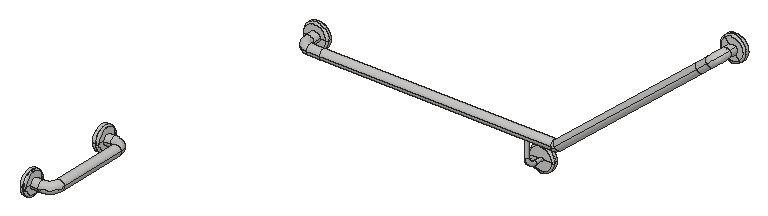
Revit family "rba-bim-rba4040-300", category Plumbing Fixtures, Revit 2016
Family settings
  Part Type = Normal
  Round Connector Dimension = Use Diameter
  Work Plane-Based = No
  Always vertical = Yes
  Cut with Voids When Loaded = No
  Shared = No
  Room Calculation Point = No
Parameters (values of type "RBA4040-300")
  Watermarked By = "www.rba.com.au"
  URL = "http://www.rba.com.au/accessible-disabled/grab-rails"
  Phone Number = "1300 788 778"
  OFFSET [instance] = 800 mm
  Modified Issue = "20190801.01"
  Model = "RBA4040-300"
  Materials and Finishes = Stainless Steel, Satin Finish
  Manufacturer = "RBA Group"
  Lgth = 900 mm
  Distance Away from Wall [instance] = 100 mm
  Distance Away from Toilet [instance] = 1090 mm
  Diameter = 32 mm
  Description = "40° WC Grab Rail - Left Hand, 300 Straight"
  Copyrighted by = "RBA Group"  # constant formula
Reference planes
  plane 1 "Center (Front/Back)": y = 0
  plane 2: z = 0
  plane 3 "Center (Left/Right)": x = 0
  plane 4: z = 800
  plane 5: x = -636.005
  plane 6: x = -536.231
  plane 7: x = -1386.005
  plane 8: z = 700
  plane 9: through (-536.136, -1524, 799.887) normal (-0.766, 0, -0.6428)
  plane 10: through (-536.231, -1524, 800) normal (-0.6428, 0, 0.766)
  plane 11: through (3.058, -1524, 1246.307) normal (-0.766, 0, -0.6428)
  plane 12: x = -1486.005
  plane 13: y = -1074
  plane 14: y = -1090
  plane 15: y = -57
  plane 16: y = -89
  plane 17: y = -774
  plane 18: x = -1429.005
  plane 19: x = -1397.005
  plane 20: z = 1250.225
  plane 21: z = 784
  plane 22: through (-525.947, -1524, 787.743) normal (-0.6428, 0, 0.766)
Dimensions and locks
  "OFFSET": plane 4 to level
  "Distance Away from Wall": plane 12 to plane 7
  "Distance Away from Toilet": plane 14 to plane 1 "Center (Front/Back)"
  locked: plane 13 to plane 14 at 16
  aligned and locked: level to plane 2
  aligned and locked: plane 4 to nested 2
  aligned and locked: plane 13 to nested 1
  aligned and locked: nested 1 to plane 12
  aligned and locked: nested 1 to plane 4
Nested families
  nested 1: "rba-bim-rba4000-000" at (-1486.005, -1074, 1178) x (0, 0, -1) z (0, 1, 0), type "RBA4000-030"
    with Length of Rail 300 mm
  nested 2: "rba-bim-rba4040-800" at (-1426.485, 0, 800), type "RBA4040-800"
    with R_Void 15 mm, R 0 mm
Definition of nested family "rba-bim-rba4000-000"
  Parameters (values of type "RBA4000-030")
    Watermarked By = "www.rba.com.au"
    URL = "http://www.rba.com.au/accessible-disabled/grab-rails"
    Length of Rail [instance] = 1000 mm
    Phone Number = "1300 788 778"
    Model = "RBA4110-923"
    Manufacturer = "RBA GROUP"
    Description = "90deg Angled Shower Grab Rail"
    Default Elevation = 1219.2 mm
    Copyrighted By = "RBA Group"  # constant formula
    BAR = none
    Assembly Code = ""
  Reference planes
    plane 1 "Center (Front/Back)": y = 0
    plane 2: z = 0
    plane 3: z = 1000
    plane 4: x = 378
    plane 5: through (429.059, 25.441, -143.224) normal (-0.8572, 0, -0.515)
    plane 6: through (278.371, 25.441, -27.78) normal (-0.515, 0, 0.8572)
    plane 7: through (306.699, 25.441, -74.925) normal (-0.515, 0, 0.8572)
    plane 8: through (429.059, 25.441, 956.776) normal (-0.8572, 0, -0.515)
    plane 9: through (278.371, 25.441, 1072.22) normal (-0.515, 0, 0.8572)
    plane 10: through (306.699, 25.441, 1025.075) normal (-0.515, 0, 0.8572)
    plane 11: y = -89
    plane 12: y = -57
  Forms (mm)
    Sweep 1, solid
      path origin (378, -752, 1273.954) x (0, 0, -1) y (0, -1, 0)
        loop
          line (1273.954, -742) -> (1273.954, -711)
          arc (1273.954, -711) -> (1264.582, -688.373) -> (1241.954, -679) r 32
          line (1241.954, -679) -> (305.954, -679)
          arc (305.954, -679) -> (283.327, -688.373) -> (273.954, -711) r 32
          line (273.954, -711) -> (273.954, -742)
      profile origin (378, -73, 500) x (0, 1, 0) y (-1, 0, 0)
        loop
          circle (0, 0) r 16
    Extrusion 2, solid
      sketch origin (62.093, -2.628, 262.5) x (1, 0, 0) y (0, 0, -1)
        loop
          circle (315.907, 262.5) r 37.5
      from -7.372 to 2.628
    Revolve 3, solid
      sketch origin (378, 18.663, 262.5) x (0, -1, 0) y (0, 0, 1)
        loop
          line (18.663, -262.5) -> (33.701, -262.5) -> (32.901, -228.383)
          arc (32.901, -228.383) -> (31.396, -224.923) -> (27.902, -223.5) r 5
          line (27.902, -223.5) -> (18.663, -223.5) -> (18.663, -262.5)
        axis (18.663, -262.5) -> (33.701, -262.5)
      angle from 0 to 360
    Extrusion 4, void
      sketch origin (107.215, 34.941, -162.704) x (0.857167, 0, 0.515038) y (0.515038, 0, -0.857167)
        loop
          circle (315.907, -27.5) r 5
        loop
          circle (315.907, 27.5) r 5
      from -46.533 to -34.941
    Extrusion 5, solid
      sketch origin (62.093, -2.628, 937.5) x (1, 0, 0) y (0, 0, -1)
        loop
          circle (315.907, -62.5) r 37.5
      from -7.372 to 2.628
    Revolve 6, solid
      sketch origin (378, 18.663, 937.5) x (0, -1, 0) y (0, 0, 1)
        loop
          line (18.663, 62.5) -> (36.046, 62.5) -> (35.246, 96.617)
          arc (35.246, 96.617) -> (33.742, 100.077) -> (30.248, 101.5) r 5
          line (30.248, 101.5) -> (18.663, 101.5) -> (18.663, 62.5)
        axis (18.663, 62.5) -> (36.046, 62.5)
      angle from 0 to 360
    Extrusion 7, void
      sketch origin (107.215, 34.941, 937.296) x (0.857167, 0, 0.515038) y (0.515038, 0, -0.857167)
        loop
          circle (264.403, 58.217) r 5
        loop
          circle (264.403, 113.217) r 5
      from -44.941 to -34.941
    Extrusion 8, void
      sketch origin (-1037.907, 0, 600) x (-1, 0, 0) y (0, 0, -1)
        loop
          circle (-1430.457, -424.215) r 5
        loop
          circle (-1401.357, -375.785) r 5
        loop
          circle (-1444.157, -400) r 5
      from 0 to 5
    Extrusion 9, void
      sketch origin (-1037.907, 0, 437.5) x (-1, 0, 0) y (0, 0, -1)
        loop
          circle (-1430.457, 413.285) r 5
        loop
          circle (-1444.157, 437.5) r 5
        loop
          circle (-1401.357, 461.715) r 5
      from 0 to 5
  Cuts and joins
    Extrusion 4, Extrusion 9 cuts Extrusion 2
    Extrusion 7, Extrusion 8 cuts Extrusion 5
    Extrusion 4, Extrusion 9 cuts Revolve 3
    Extrusion 7, Extrusion 8 cuts Revolve 6
    joined: Sweep 1, Revolve 3, Revolve 6
  Dimensions and locks
    "Length of Rail": plane 3 to level
    locked: Revolve 3 sketch curve to Revolve 3 sketch curve at 39
    plane 7 to plane 6 = 55 mm
    locked: Revolve 6 sketch curve to Revolve 6 sketch curve at 39
    plane 10 to plane 9 = 55 mm
    locked: plane 3 to Extrusion 5 sketch curve
    locked: Extrusion 5 sketch curve to plane 4
    locked: Extrusion 8 sketch curve to plane 3 at 24.215
    locked: Extrusion 8 sketch curve to plane 4 at 14.55
    locked: plane 3 to Extrusion 7 sketch curve at 23.572
    locked: Extrusion 7 sketch curve to plane 4 at 14.164
    plane 1 "Center (Front/Back)" to Revolve 6 sketch curve = 17.383 mm
    locked: Extrusion 2 sketch curve to plane 2
    locked: Extrusion 2 sketch curve to plane 4 at 0
    locked: plane 2 to Extrusion 9 sketch curve at 24.215
    locked: plane 4 to Extrusion 9 sketch curve at 14.55
    locked: plane 2 to Extrusion 4 sketch curve at 23.572
    locked: Extrusion 4 sketch curve to plane 4 at 14.164
    locked: Extrusion 8 sketch curve to plane 3 at 0
    locked: plane 3 to Extrusion 8 sketch curve at 24.215
    locked: Extrusion 8 sketch curve to plane 4 at 28.25
    locked: plane 4 to Extrusion 8 sketch curve at 14.55
    locked: plane 4 to Extrusion 7 sketch curve at 14.164
    locked: Extrusion 7 sketch curve to plane 3 at 23.572
    locked: Revolve 6 sketch curve to plane 3 at 34.117
    plane 1 "Center (Front/Back)" to Revolve 6 sketch curve = 16.583 mm
    locked: plane 1 "Center (Front/Back)" to cut or joined group of Sweep 1, Revolve 3, Extrusion 4, Revolve 6, Extrusion 7, Extrusion 8, Extrusion 9 at 0
    plane 3 to level = 1000 mm
    plane 11 to plane 1 "Center (Front/Back)" = 89 mm
    cut or joined group of Sweep 1, Revolve 3, Extrusion 4, Revolve 6, Extrusion 7, Extrusion 8, Extrusion 9 to plane 11 = 89 mm
    radius of Sweep 1 sketch curve = 16 mm
    aligned and locked: Revolve 3 to Extrusion 2
    aligned and locked: Revolve 6 to Extrusion 5
    aligned and locked: plane 3 to Sweep 1 sketch curve
    aligned and locked: Sweep 1 sketch curve to level
    aligned and locked: Extrusion 2 to Extrusion 4
    aligned and locked: Extrusion 5 to Extrusion 7
    aligned and locked: Extrusion 7 to Sweep 1
    aligned and locked: Revolve 6 sketch curve to plane 3  (x2)
    aligned and locked: plane 1 "Center (Front/Back)" to Revolve 6 sketch curve
    aligned and locked: Revolve 3 sketch curve to plane 2  (x2)
    aligned and locked: plane 1 "Center (Front/Back)" to Revolve 3 sketch curve
  Automatic sketch dimensions
    profile plane to Sweep 1 sketch curve = 0 mm
    Sweep 1 sketch curve to profile plane = 0 mm
    plane 1 "Center (Front/Back)" to Revolve 3 sketch curve = 9.239 mm
    Revolve 3 sketch curve to Revolve 3 sketch curve = 4.999 mm
    Revolve 3 sketch curve to Revolve 3 sketch curve = 15.038 mm
    Revolve 3 sketch curve to Revolve 3 sketch curve = 5 mm
    Revolve 3 sketch curve to plane 1 "Center (Front/Back)" = 21.537 mm
    Revolve 3 sketch curve to Revolve 3 sketch curve = 28.425 mm
    plane 6 to Extrusion 4 sketch curve = 0 mm
    Extrusion 4 sketch curve to plane 5 = 30 mm
    Revolve 6 sketch curve to Revolve 6 sketch curve = 4.999 mm
    Revolve 6 sketch curve to plane 1 "Center (Front/Back)" = 21.537 mm
    Revolve 6 sketch curve to Revolve 6 sketch curve = 26.08 mm
    Extrusion 9 sketch curve to level = 0 mm
    plane 4 to Extrusion 9 sketch curve = 14.55 mm
    Extrusion 9 sketch curve to Extrusion 9 sketch curve = 13.7 mm
    level to Extrusion 9 sketch curve = 24.215 mm
    Sweep 1 sketch curve to plane 3 = 32 mm
    Sweep 1 sketch curve to Sweep 1 sketch curve = 32 mm
    plane 1 "Center (Front/Back)" to Sweep 1 sketch curve = 41 mm
    plane 1 "Center (Front/Back)" to Sweep 1 sketch curve = 10 mm  (x2)
    radius of Extrusion 2 sketch curve = 37.5 mm
    radius of Extrusion 4 sketch curve = 5 mm  (x2)
    radius of Extrusion 5 sketch curve = 37.5 mm
    radius of Extrusion 7 sketch curve = 5 mm  (x2)
    radius of Extrusion 8 sketch curve = 5 mm  (x3)
    radius of Extrusion 9 sketch curve = 5 mm  (x3)
  Nested families
    nested 1: "FamilyID" at (1.5, 0, 0), type "FamilyID"
  Definition of nested family "FamilyID"
    Reference planes
      plane 1: y = 0
      plane 2: x = 0
    Text (mm)
      text "RBA COPYRIGHT" at (0.001, 0.001, 0)
Definition of nested family "rba-bim-rba4040-800"
  Parameters (values of type "RBA4040-300")
    Watermarked By = "www.rba.com.au"
    URL = "http://www.rba.com.au/accessible-disabled/grab-rails"
    R_Void [instance] = 15 mm
    R [instance] = 0 mm
    Phone Number = "1300 788 778"
    Model = "RBA4040-300"
    Manufacturer Model = ""
    Manufacturer = "RBA Group"
    Description = "45° WC Grab Rail"
    Copyrighted by = "RBA Group"  # constant formula
    BAR = none
    Assembly Code = ""
  Reference planes
    plane 1 "Center (Front/Back)": y = 0
    plane 2: z = 0
    plane 3: x = 40.25
    plane 4: z = -30
    plane 5: z = 30
    plane 6: x = 70.25
    plane 7: x = 10.25
    plane 8: x = 890.254
    plane 9: x = 515.5
    plane 10: through (1491.039, 25.441, 326.048) normal (-0.766, 0, -0.6428)
    plane 11: through (1544.803, 25.441, 355.319) normal (-0.766, 0, -0.6428)
    plane 12: through (1483.101, 25.441, 537.296) normal (0.6428, 0, -0.766)
    plane 13: through (1521.668, 25.441, 491.334) normal (0.6428, 0, -0.766)
    plane 14: z = -130
    plane 15: z = -70
    plane 16: x = 820
    plane 17: x = 760
    plane 18: x = 790.25
    plane 19: z = -100
    plane 20: through (890.5, -4572, -0.294) normal (-0.766, 0, -0.6428)
    plane 21: through (1426.731, -4572, 449.658) normal (-0.766, 0, -0.6428)
    plane 22: x = 1426.255
    plane 23: z = 450.225
  Forms (mm)
    Extrusion 1, solid
      sketch origin (40.25, -2.628, 315.907) x (0, 0, -1) y (-1, 0, 0)
        loop
          circle (315.907, 0) r 40
      from -0.219 to 2.628
    Revolve 2, solid
      sketch origin (40.25, 18.663, 0) x (0, -1, 0) y (1, 0, 0)
        loop
          line (18.663, 0) -> (18.663, -41.5) -> (27.844, -41.5)
          arc (27.844, -41.5) -> (31.337, -40.077) -> (32.842, -36.617) r 5
          line (32.842, -36.617) -> (33.701, 0) -> (18.663, 0)
        axis (18.663, 0) -> (33.701, 0)
      angle from 0 to 360
    Extrusion 3, void
      sketch origin (40.25, 34.941, 315.907) x (0, 0, -1) y (-1, 0, 0)
        loop
          circle (315.907, -30) r 5
        loop
          circle (315.907, 30) r 5
      from -37.788 to -30
    Sweep 4, solid
      path origin (40.25, 9.454, 0) x (0, -1, 0) y (-1, 0, 0)
        loop
          line (12.302, 0) -> (50.454, 0)
          arc (50.454, 0) -> (73.082, -9.373) -> (82.454, -32) r 32
          line (82.454, -32) -> (82.454, -76)
      profile origin (40.25, -21.924, 0) x (1, 0, 0) y (0, 0, 1)
        loop
          circle (0, 0) r 16
    Extrusion 5, solid
      sketch origin (1668.254, -2.628, 653.286) x (-0.766044, 0, -0.642788) y (-0.642788, 0, 0.766044)
        loop
          circle (315.907, 0) r 40
      from -0.219 to 2.628
    Extrusion 6, void
      sketch origin (1668.004, 34.941, 653.286) x (-0.766044, 0, -0.642788) y (-0.642788, 0, 0.766044)
        loop
          circle (315.907, 30) r 5
        loop
          circle (315.907, -30) r 5
      from -37.788 to -30
    Sweep 7, solid
      path origin (1876.206, 9.454, -86.006) x (0, -1, 0) y (0.766044, 0, 0.642788)
        loop
          line (12.302, 0) -> (50.454, 0)
          arc (50.454, 0) -> (73.082, -9.373) -> (82.454, -32) r 32
          line (82.454, -32) -> (82.454, -76)
      profile origin (1876.206, -21.924, -86.006) x (0.766044, 0, 0.642788) y (-0.642788, 0, 0.766044)
        loop
          circle (0, 700) r 16
    Revolve 8, solid
      sketch origin (1426.255, 18.663, 450.225) x (0, -1, 0) y (0.642788, 0, -0.766044)
        loop
          line (18.663, 0) -> (33.701, 0) -> (32.842, 36.617)
          arc (32.842, 36.617) -> (31.337, 40.077) -> (27.844, 41.5) r 5
          line (27.844, 41.5) -> (18.663, 41.5) -> (18.663, 0)
        axis (18.663, 0) -> (33.701, 0)
      angle from 0 to 360
    Sweep 9, solid
      path origin (0, 0, 0) x (1, 0, 0) y (0, 0, 1)
        loop
          line (116.25, 0) -> (882.418, 0)
          arc (882.418, 0) -> (889.258, 1.206) -> (895.274, 4.679) r 20
          line (895.274, 4.679) -> (1368.036, 401.373)
      profile origin (499.334, 0, 0) x (0, 0, 1) y (0, -1, 0)
        loop
          circle (0, 73) r 16
    Extrusion 10, solid
      sketch origin (790.25, -2.628, 215.907) x (0, 0, -1) y (-1, 0, 0)
        loop
          circle (315.907, 0) r 40
      from -0.219 to 2.628
    Revolve 11, solid
      sketch origin (790.25, 18.663, -100) x (0, -1, 0) y (1, 0, 0)
        loop
          line (18.663, 0) -> (18.663, -41.5) -> (27.844, -41.5)
          arc (27.844, -41.5) -> (31.337, -40.077) -> (32.842, -36.617) r 5
          line (32.842, -36.617) -> (33.701, 0) -> (18.663, 0)
        axis (18.663, 0) -> (33.701, 0)
      angle from 0 to 360
    Sweep 12, solid
      path origin (790.25, 9.454, -100) x (0, -1, 0) y (0, 0, -1)
        loop
          line (12.302, 0) -> (50.454, 0)
          arc (50.454, 0) -> (73.082, -9.373) -> (82.454, -32) r 32
          line (82.454, -32) -> (82.454, -100)
      profile origin (790.25, -21.924, -100) x (0, 0, -1) y (1, 0, 0)
        loop
          circle (0, 0) r 6
    Extrusion 13, void
      sketch origin (790, 34.941, 215.907) x (0, 0, -1) y (-1, 0, 0)
        loop
          circle (315.907, -30) r 5
        loop
          circle (315.907, 30) r 5
      from -37.788 to -30
  Cuts and joins
    Extrusion 3, Extrusion 6, Extrusion 13 cuts Extrusion 1
    Extrusion 3, Extrusion 6, Extrusion 13 cuts Revolve 2
    Extrusion 13 cuts Sweep 4
    Extrusion 6 cuts Revolve 8
    Extrusion 13 cuts Revolve 11
    joined: Revolve 2, Sweep 4, Sweep 7, Revolve 8, Sweep 9, Revolve 11, Sweep 12
    Extrusion 6 cuts Extrusion 5
    Extrusion 13 cuts Extrusion 10
  Dimensions and locks
    Revolve 2 sketch curve to Revolve 2 sketch curve = 41.5 mm
    plane 5 to level to plane 4 = 30 mm, 30 mm
    plane 7 to plane 6 = 60 mm
    plane 11 to plane 10 = 60 mm
    plane 12 to plane 13 = 60 mm
    Revolve 8 sketch curve to Revolve 8 sketch curve = 41.5 mm
    Revolve 11 sketch curve to Revolve 11 sketch curve = 41.5 mm
    plane 15 to plane 14 = 60 mm
    plane 17 to plane 16 = 60 mm
    level to plane 19 = 100 mm
    plane 8 to plane 18 = 100.004 mm
    plane 8 to plane 3 = 850.004 mm
    plane 20 to plane 21 = 700 mm
    radius of Extrusion 1 sketch curve = 40 mm
    radius of Sweep 4 sketch curve = 16 mm
    radius of Extrusion 5 sketch curve = 40 mm
    radius of Sweep 7 sketch curve = 16 mm
    radius of Extrusion 10 sketch curve = 40 mm
    radius of Sweep 12 sketch curve = 6 mm
    aligned and locked: Revolve 2 to Extrusion 1
    aligned and locked: Revolve 11 to Extrusion 10
